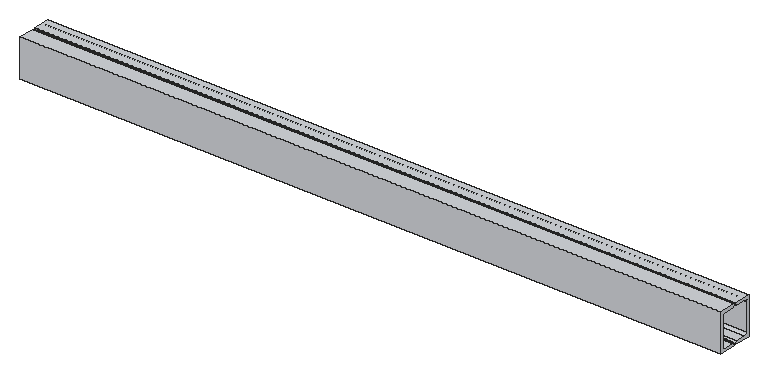
Revit family "2UNP160", category Structural Framing, Revit 2018
Family settings
  Section Shape = I-shape Parallel Flange
  Material for Model Behavior = Steel
  Always export as geometry = No
  OmniClass Number = 23.25.30.11.14.14
  OmniClass Title = Beams
  Always vertical = Yes
  Cut with Voids When Loaded = No
  Symbolic Representation = From Family
  Shared = No
  Show family pre-cut in plan views = Yes
Parameters
  Length [instance] = 3000 mm
Reference planes
  plane 1 "Center (Front/Back)": y = 0
  plane 2 "Center Elevation": z = 0
  plane 3 "Center (Left/Right)": x = 0
  plane 4 "Left": x = -1500
  plane 5 "Member Left": x = -1250
  plane 6 "Stick Symbol Left": x = -1000
  plane 7 "Right": x = 1500
  plane 8 "Member Right": x = 1250
  plane 9 "Stick Symbol Right": x = 1000
Forms (mm)
  Sweep 1, solid
    path origin (0, 0, 0) x (1, 0, 0) y (0, 1, 0)
      loop
        line (-1500, 0) -> (1500, 0)
    profile origin (0, 0, 0) x (0, 1, 0) y (0, 0, 1)
      loop
        line (-7.493, 80) -> (-72.493, 80) -> (-72.493, 0) -> (-72.493, -80) -> (-7.493, -80) -> (-7.493, -75.022)
        arc (-7.493, -75.022) -> (-9.11, -71.117) -> (-13.015, -69.5) r 5.522
        line (-13.015, -69.5) -> (-54.451, -69.5)
        arc (-54.451, -69.5) -> (-61.905, -66.412) -> (-64.993, -58.957) r 10.543
        line (-64.993, -58.957) -> (-64.993, 0) -> (-64.993, 58.957)
        arc (-64.993, 58.957) -> (-61.905, 66.412) -> (-54.451, 69.5) r 10.543
        line (-54.451, 69.5) -> (-13.015, 69.5)
        arc (-13.015, 69.5) -> (-9.11, 71.117) -> (-7.493, 75.022) r 5.522
        line (-7.493, 75.022) -> (-7.493, 80)
      loop
        line (7.493, 80) -> (7.493, 75.022)
        arc (7.493, 75.022) -> (9.11, 71.117) -> (13.015, 69.5) r 5.522
        line (13.015, 69.5) -> (54.451, 69.5)
        arc (54.451, 69.5) -> (61.905, 66.412) -> (64.993, 58.957) r 10.543
        line (64.993, 58.957) -> (64.993, 0) -> (64.993, -58.957)
        arc (64.993, -58.957) -> (61.905, -66.412) -> (54.451, -69.5) r 10.543
        line (54.451, -69.5) -> (13.015, -69.5)
        arc (13.015, -69.5) -> (9.11, -71.117) -> (7.493, -75.022) r 5.522
        line (7.493, -75.022) -> (7.493, -80) -> (72.493, -80) -> (72.493, 0) -> (72.493, 80) -> (7.493, 80)
Lines and regions (mm)
  model lines, style "Stick Symbols", detail levels coarse
    curve 1: line (-1000, 0, 0) -> (1000, 0, 0)
Dimensions and locks
  equal spacing: plane 4 "Left", plane 3 "Center (Left/Right)", plane 7 "Right"
  "Length": plane 4 "Left" to plane 7 "Right"
  aligned and locked: plane 1 "Center (Front/Back)" to curve 1
  aligned and locked: plane 6 "Stick Symbol Left" to curve 1
  aligned and locked: plane 9 "Stick Symbol Right" to curve 1
  aligned and locked: level to plane 2 "Center Elevation"
Automatic sketch dimensions
  plane 1 "Center (Front/Back)" to Sweep 1 sketch curve = 0 mm
  Sweep 1 sketch curve to plane 4 "Left" = 0 mm
  Sweep 1 sketch curve to plane 7 "Right" = 0 mm
  Sweep 1 sketch curve to level = 0 mm  (x4)
  profile plane to Sweep 1 sketch curve = 72.493 mm
  Sweep 1 sketch curve to Sweep 1 sketch curve = 7.5 mm
  Sweep 1 sketch curve to Sweep 1 sketch curve = 10.543 mm  (x3)
  profile plane to Sweep 1 sketch curve = 13.015 mm  (x2)
  Sweep 1 sketch curve to Sweep 1 sketch curve = 5.522 mm  (x4)
  Sweep 1 sketch curve to profile plane = 7.493 mm  (x2)
  Sweep 1 sketch curve to Sweep 1 sketch curve = 41.436 mm  (x2)
  Sweep 1 sketch curve to Sweep 1 sketch curve = 18.043 mm
  Sweep 1 sketch curve to level = 58.957 mm  (x2)
  Sweep 1 sketch curve to Sweep 1 sketch curve = 10.5 mm  (x2)
  Sweep 1 sketch curve to Sweep 1 sketch curve = 58.957 mm
  level to Sweep 1 sketch curve = 58.957 mm
  Sweep 1 sketch curve to Sweep 1 sketch curve = 4.978 mm  (x2)
